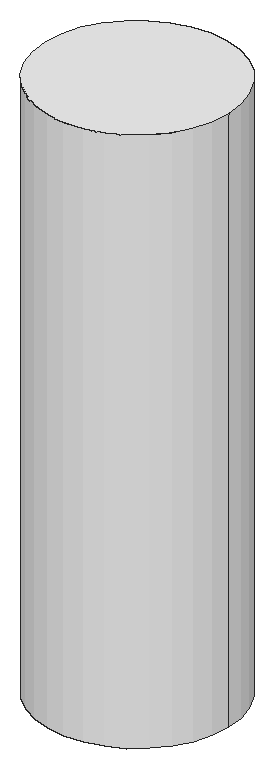
Revit family "05672029", category Plumbing Fixtures, Revit 2020
Family settings
  Round Connector Dimension = Use Diameter
  Part Type = Normal
  OmniClass Number = 23.45.55.00
  OmniClass Title = Sanitary Faucets, Wastes
  Work Plane-Based = No
  Always vertical = Yes
  Cut with Voids When Loaded = No
  Shared = No
  Room Calculation Point = No
Parameters (values of type "05672029 Washbasin faucet, 230/9 V, Bluetooth")
  Working Pressure = "100 - 1000 kPa"
  WarrantyStartDate [instance] = "n/a"
  WarrantyGuarantorParts = "n/a"
  WarrantyGuarantorLabor = "n/a"
  WarrantyDurationUnit = "Year"
  WarrantyDurationParts = "n/a"
  WarrantyDurationLabor = "n/a"
  WarrantyDescription = "http://warranty.hansa.com"
  Warranty Information URL = "http://warranty.hansa.com"
  VersionDate = "01/06/2023"
  Version = "1"
  ValvePattern = "n/a"
  ValveOperation = "n/a"
  ValveMechanism = "n/a"
  Uniclass2015Reference = "Pr_40_20_87_96"
  Uniclass2015Description = "Washbasin manual water supply sets"
  Uniclass2 = "Pr_40_30_96_96"
  URL WEEE = "http://static.hansa.com/WEEE/05672029"
  URL REACH = "http://static.hansa.com/doc/reach"
  URL EcoLabel Declaration = "http://static.hansa.com/doc/EcoLabel"
  URL EU Packaging Declaration = "http://static.hansa.com/doc/packaging"
  URL Declaration of SCIP = "http://static.hansa.com/doc/SCIP"
  URL Declaration of Conformity = "http://static.hansa.com/DoC/05672029"
  URL Declaration of Asbestos = "http://static.hansa.com/doc/asbestos"
  URL Declaration Of Performance (DOP) = "http://static.hansa.com/doc/DoP"
  URL ABP = "http://static.hansa.com/ABP/05672029"
  URL = ""
  UNSPSC Class Number = "30181700 Faucets or taps"
  TestPressure = "n/a"
  Technical DataSheet URL = "http://www.hansa.com/datasheet/05672029/en"
  TagNumber [instance] = "n/a"
  SustainabilityPerformance = "n/a"
  Surface treatment = "Chrome"
  Spout Type = "Fixed spout;Casted construction"
  Spout Projection = "117 mm"
  Special Features = "Waterways without nickel, adjustable settings BT, leadfree"
  Spare-Part Information URL = "http://static.hansa.com/sp/05672029"
  Size = "55x154x146 mm"
  Shape = "Sculptured"
  SerialNumber [instance] = "n/a"
  Sales Package dimensions (LxWxH) = "290 x 210 x 90"
  Revision = "n/a"
  ReplacementCost = "n/a"
  Protection Class = "IP 55 / transformer IP 20"
  ProductInformation = "n/a"
  Product URL = "http://static.hansa.com/05672029"
  Product Image URL = "http://static.hansa.com/image/05672029"
  Product Family = "HANSAMEDIPRO Protec"
  Product Code = "05672029"
  OperatingMechanismMaterial = "n/a"
  Operating Voltage = 912 V
  Operating Distance = "20-130 mm (110/130/160 mm)"
  NominalWidth = 55 mm
  NominalHeight = 146 mm
  NominalDepth = 154 mm
  Noise Class = "I (ISO 3822)"
  Name_en = "05672029 Washbasin faucet, 230/9 V, Bluetooth"
  Name = "05672029 Washbasin faucet, 230/9 V, Bluetooth"
  NBSReference = "45-35-70/371"
  NBSDescription = "Water supply fittings for wash basins and troughs"
  Mounting Holes = "1 hole"
  ModelReference = "05672029"
  ModelNumber = "n/a"
  Model = "05672029 Washbasin faucet, 230/9 V, Bluetooth"
  Mobile Product Information URL = "http://mpi.hansa.com/05672029"
  Mechanical Parts = "Litter filter(s);Non-return valve(s)"
  Max. Hot Water Supply = 70 °C
  Max Flow Period = "2 min (1 - 1800 s)"
  Material = "Brass"
  Market = "Austria;Belgium;Czech Republic;Germany;Spain;France;International;Italy;Netherlands;Slovakia"
  ManufacturerURL = "http://www.hansa.com"
  ManufacturerName = "HANSA"
  Manufacturer = "HANSA"
  Interactive AR View URL = "https://static.hansa.com/AR/05672029"
  InstallationDate [instance] = "n/a"
  Installation and Maintenance Guide URL = "http://static.hansa.com/manual/05672029"
  Installation Type = "Deck mounted"
  InletConnectionSize = 10 mm
  IfcExportType = "FAUCET"  # constant formula
  IfcExportAs = "IfcValveType"  # constant formula
  Group = "Washbasin faucet"
  Grade = "n/a"
  FlowCoefficient = 0
  Flow Rate At 300kPa With Flow Controller = 0.1 L/s
  Flow Drawing URL = "http://static.hansa.com/flowchart/05672029"
  Finish = "Polished"
  Features = "Touchless;Plug transformer;Bluetooth®"
  FaucetMainMaterial = Brass
  FDV Document URL = "http://www.hansa.com/datasheet/05672029/en/fdv"
  ExpectedLife = "n/a"
  Excluded Items = "Without pop-up waste;Without draw-rod opening"
  Electronic Parts = "Autofocus infrared sensor;Solenoid valve;Power supply"
  Electrical Connection = "230 / 9 V"
  ETIM Class Number = "EC010340 Electronic tap"
  EN Standard = "EN 15091,\nETSI EN 301 489-1 V1.9.2 , \nETSI EN 300 328 v2.2.2 , \nEN 61000-6-1:2007 , \nEN 61000-6-3:2007+A1:2011+AC:2012 , \nEN 60335-1:2012+A11+A13+A1+A14+A2+A15:2021, Part 19.11.4"
  EMC Directive = "Radio Equipment Directive 2014/53/EU , \nLow Voltage Directive 2014/35/EU , \nEMC Directive 2014/30/EU , \nRoHS Directive 2011/65/EU"
  EAN Number = "4057304004988"
  DurationUnit = "Year"
  Dimension Drawing URL = "http://static.hansa.com/dimdrw/05672029"
  Description = ""
  DefaultElevation [instance] = 900 mm
  Default Elevation = 0 mm
  Constituents = "n/a"
  Connection Size = "G3/8"
  Connection = "Flexible inlet pipes;One inlet for cold or premixed water;Special coating for hygienic premises"
  Color = "Chrome"
  CodePerformance = "n/a"
  CloseOffRating = 0
  Catalog Drawing URL = "http://static.hansa.com/catdrw/05672029"
  Brand = "HANSA"
  BodyMaterial = "Brass"
  Bluetooth = "4.x (D034445)"
  Barcode [instance] = "n/a"
  Backflow Prevention EN1717 = "AA"
  BIMObjectName = "05672029"
  Automatic Flush Period = "30 s (1-1800 s)"
  Automatic Flush Frequency = "off (off/1-120 h)"
  Author = "BIMStone"
  AssetType = "Fixed"
  AssetIdentifier [instance] = "n/a"
  Approval ABP = "P-IX 29469/IO"
  Ambience photo = "http://static.hansa.com/ambience/05672029"
  Afterflow Period = "3 s (1-20 s)"
  Aerator = "Laminar stream"
  Advanced Features = "Inner body made of DZR brass;Surfaces in contact with drinking water contain less than 0.3% lead;Waterways without nickel coating;;Software settings adjustable via App"
  AccessibilityPerformance = "n/a"
  3D View = "https://static.hansa.com/AR/05672029"
  2D/3D/BIM Files URL = "http://static.hansa.com/bim/05672029"
Reference planes
  plane 1 "Center (Front/Back)": y = 0
  plane 2: z = 0
  plane 3 "Center (Left/Right)": x = 0
  plane 4: x = -27.5
  plane 5: x = 27.5
  plane 6: z = 1046
  plane 7: z = 900
  plane 8: z = 870
  plane 9: y = -154
Forms (mm)
  Extrusion 1, solid, material "Brass" <- "FaucetMainMaterial", detail levels medium
    sketch origin (0, 0, 0) x (0, 1, 0) y (0, 0, 1)
      loop
        line (0, 900) -> (-14.556, 1023.932) -> (-131.711, 1046) -> (-148.834, 1046) -> (-154, 1016.702) -> (-78.606, 1003.408)
        arc (-78.606, 1003.408) -> (-63.727, 992.086) -> (-57.658, 974.402) r 32.167
        line (-57.658, 974.402) -> (-55, 900) -> (0, 900)
    from -27.5 to 27.5
  Extrusion 2, solid, material "Brass" <- "FaucetMainMaterial", detail levels coarse
    sketch origin (0, 0, 0) x (1, 0, 0) y (0, 1, 0)
      loop
        line (-27.5, 0) -> (-27.5, -154) -> (27.5, -154) -> (27.5, 0) -> (-27.5, 0)
    from 900 to 1046
  Extrusion 3, solid, material "Brass" <- "FaucetMainMaterial"
    sketch origin (0, 0, 0) x (1, 0, 0) y (0, 1, 0)
      loop
        circle (0, -27.5) r 5
    from 870 to 900
Lines and regions (mm)
  symbolic lines, detail levels medium+fine
    curve 1: line (-15.5, -69.537, 0) -> (-15.5, -136.641, 0)
    curve 2: arc (-22.324, -45.737, 0) -> (-17.24, -57.157, 0) -> (-15.5, -69.537, 0) r 44.913
    curve 3: arc (-27.502, -27.489, 0) -> (-26.212, -36.982, 0) -> (-22.324, -45.737, 0) r 33.978
    curve 4: arc (27.5, -27.489, 0) -> (27.347, -24.595, 0) -> (26.89, -21.734, 0) r 27.502
    curve 5: line (15.499, -71.499, 0) -> (15.499, -136.641, 0)
    curve 6: arc (22.753, -45.031, 0) -> (17.345, -57.777, 0) -> (15.499, -71.499, 0) r 51.914
    curve 7: arc (27.5, -27.489, 0) -> (27.182, -32.345, 0) -> (26.175, -37.105, 0) r 33.977
    curve 8: spline (-15.5, -136.641, 0) -> (-15.464, -137.692, 0) -> (-15.356, -138.739, 0) -> (-15.177, -139.775, 0) -> (-14.927, -140.797, 0) -> (-14.608, -141.8, 0) -> (-14.221, -142.779, 0) -> (-13.767, -143.729, 0) -> (-13.25, -144.647, 0) -> (-12.671, -145.527, 0) -> (-12.033, -146.366, 0) -> (-11.34, -147.159, 0) -> (-10.593, -147.904, 0)
    curve 10: spline (10.592, -147.904, 0) -> (11.339, -147.159, 0) -> (12.032, -146.366, 0) -> (12.67, -145.527, 0) -> (13.249, -144.647, 0) -> (13.766, -143.73, 0) -> (14.219, -142.779, 0) -> (14.606, -141.8, 0) -> (14.926, -140.798, 0) -> (15.175, -139.775, 0) -> (15.355, -138.739, 0) -> (15.463, -137.692, 0) -> (15.499, -136.641, 0)
    curve 11: arc (-10.593, -147.904, 0) -> (0, -154.001, 0) -> (10.592, -147.904, 0) r 12.251
    curve 12: arc (26.89, -21.734, 0) -> (-2.895, -0.141, 0) -> (-27.502, -27.489, 0) r 27.501
    curve 13: arc (26.175, -37.105, 0) -> (24.717, -41.177, 0) -> (22.753, -45.031, 0) r 33.977
    curve 14: line (-27.5, 0, 900) -> (27.5, 0, 900)
    curve 15: line (-27.5, 0, 900) -> (-27.5, 0, 926.446)
    curve 16: line (-27.5, 0, 926.446) -> (-24.359, 0, 988.391)
    curve 17: arc (-24.359, 0, 988.391) -> (-21.799, 0, 1003.69) -> (-15.365, 0, 1017.804) r 59.407
    curve 18: line (-15.365, 0, 1017.804) -> (-15.365, 0, 1030.848)
    curve 19: line (27.5, 0, 900) -> (27.5, 0, 926.446)
    curve 20: line (27.5, 0, 926.446) -> (24.359, 0, 988.391)
    curve 21: arc (24.359, 0, 988.391) -> (21.799, 0, 1003.69) -> (15.365, 0, 1017.804) r 59.407
    curve 22: line (15.365, 0, 1017.804) -> (15.365, 0, 1030.848)
    curve 23: spline (-15.365, 0, 1030.848) -> (-14.842, 0, 1034.769) -> (-13.307, 0, 1038.424) -> (-10.865, 0, 1041.562) -> (-7.683, 0, 1043.97) -> (-3.977, 0, 1045.484) -> (0, 0, 1046) -> (3.977, 0, 1045.484) -> (7.683, 0, 1043.97) -> (10.865, 0, 1041.562) -> (13.307, 0, 1038.424) -> (14.842, 0, 1034.769) -> (15.365, 0, 1030.848)
    curve 35: line (0, 0, 900) -> (0, -55, 900)
    curve 36: line (0, -55, 900) -> (0, -55.591, 916.557)
    curve 37: arc (0, -57.658, 974.402) -> (0, -65.719, 994.595) -> (0, -84.77, 1005.073) r 32.227
    curve 38: line (0, -84.77, 1005.073) -> (0, -126.058, 1012.353)
    curve 39: line (0, -126.058, 1012.353) -> (0, -131.511, 1015.442)
    curve 40: line (0, -154, 1028.18) -> (0, -154, 1031.901)
    curve 41: arc (0, -154, 1031.901) -> (0, -150.001, 1041.74) -> (0, -140.273, 1046) r 14.104
    curve 42: line (0, -140.273, 1046) -> (0, -137.862, 1046)
    curve 43: line (0, -137.862, 1046) -> (0, -41.204, 1028.341)
    curve 44: arc (0, -41.204, 1028.341) -> (0, -32.804, 1026.199) -> (0, -24.778, 1022.921) r 62.87
    curve 45: arc (0, -24.778, 1022.921) -> (0, -15.216, 1014.888) -> (0, -10.489, 1003.328) r 26.06
    curve 46: line (0, -10.489, 1003.328) -> (0, 0, 900)
    curve 47: line (0, -133.808, 1011.385) -> (0, -153.611, 1022.818)
    curve 48: line (0, -153.611, 1022.818) -> (0, -151.406, 1026.711)
    curve 49: line (0, -133.808, 1011.385) -> (0, -131.511, 1015.442)
    curve 51: line (0, -151.406, 1026.711) -> (0, -154, 1028.18)
    curve 52: arc (0, -56.48, 941.432) -> (0, -58.009, 937.875) -> (0, -56.23, 934.436) r 4.529
    curve 53: arc (0, -55.841, 923.552) -> (0, -57.387, 919.995) -> (0, -55.591, 916.557) r 4.5
    curve 54: line (0, -55.841, 923.552) -> (0, -56.23, 934.436)
    curve 57: line (0, -56.48, 941.432) -> (0, -57.658, 974.402)
  symbolic lines, detail levels fine
    curve 9: spline (-10.593, -147.904, 0) -> (-9.095, -149.135, 0) -> (-7.454, -150.169, 0) -> (-5.695, -150.991, 0) -> (-3.847, -151.587, 0) -> (-1.939, -151.948, 0) -> (0, -152.07, 0) -> (1.938, -151.948, 0) -> (3.846, -151.587, 0) -> (5.694, -150.991, 0) -> (7.453, -150.169, 0) -> (9.094, -149.135, 0) -> (10.592, -147.904, 0)
    curve 24: circle (0, 0, 937.975) r 3.491 normal (0, -1, 0)
    curve 25: circle (0, 0, 919.975) r 3.491 normal (0, -1, 0)
    curve 26: spline (-15.365, 0, 1030.848) -> (-15.342, 0, 1030.007) -> (-15.271, 0, 1029.17) -> (-15.153, 0, 1028.337) -> (-14.989, 0, 1027.512) -> (-14.778, 0, 1026.698) -> (-14.522, 0, 1025.896) -> (-14.221, 0, 1025.11) -> (-13.876, 0, 1024.341) -> (-13.489, 0, 1023.592) -> (-13.06, 0, 1022.865) -> (-12.591, 0, 1022.163) -> (-12.084, 0, 1021.488)
    curve 27: spline (12.084, 0, 1021.488) -> (12.591, 0, 1022.163) -> (13.06, 0, 1022.865) -> (13.489, 0, 1023.592) -> (13.876, 0, 1024.341) -> (14.221, 0, 1025.11) -> (14.522, 0, 1025.896) -> (14.778, 0, 1026.698) -> (14.989, 0, 1027.512) -> (15.153, 0, 1028.337) -> (15.271, 0, 1029.17) -> (15.342, 0, 1030.007) -> (15.365, 0, 1030.848)
    curve 28: spline (-11.212, 0, 1024.032) -> (-10.105, 0, 1025.228) -> (-8.604, 0, 1026.277) -> (-6.766, 0, 1027.139) -> (-4.663, 0, 1027.78) -> (-2.378, 0, 1028.175) -> (0, 0, 1028.308) -> (2.378, 0, 1028.175) -> (4.663, 0, 1027.78) -> (6.766, 0, 1027.139) -> (8.604, 0, 1026.277) -> (10.105, 0, 1025.228) -> (11.212, 0, 1024.032)
    curve 29: line (-11.212, 0, 1019.289) -> (-11.212, 0, 1018.089)
    curve 30: line (11.212, 0, 1019.289) -> (11.212, 0, 1018.089)
    curve 31: spline (11.212, 0, 1024.032) -> (11.476, 0, 1023.624) -> (11.694, 0, 1023.207) -> (11.864, 0, 1022.784) -> (11.986, 0, 1022.355) -> (12.059, 0, 1021.922) -> (12.084, 0, 1021.488) -> (12.059, 0, 1021.054) -> (11.986, 0, 1020.622) -> (11.864, 0, 1020.193) -> (11.694, 0, 1019.769) -> (11.476, 0, 1019.352) -> (11.212, 0, 1018.944)
    curve 32: spline (11.212, 0, 1018.089) -> (10.83, 0, 1019.493) -> (9.71, 0, 1020.801) -> (7.928, 0, 1021.925) -> (5.606, 0, 1022.787) -> (2.902, 0, 1023.328) -> (0, 0, 1023.513) -> (-2.902, 0, 1023.328) -> (-5.606, 0, 1022.787) -> (-7.928, 0, 1021.925) -> (-9.71, 0, 1020.801) -> (-10.83, 0, 1019.493) -> (-11.212, 0, 1018.089) -> (-10.83, 0, 1016.686) -> (-9.71, 0, 1015.377) -> (-7.928, 0, 1014.254) -> (-5.606, 0, 1013.392) -> (-2.902, 0, 1012.85) -> (0, 0, 1012.665) -> (2.902, 0, 1012.85) -> (5.606, 0, 1013.392) -> (7.928, 0, 1014.254) -> (9.71, 0, 1015.377) -> (10.83, 0, 1016.686) -> (11.212, 0, 1018.089)
    curve 33: spline (11.212, 0, 1019.289) -> (10.83, 0, 1020.693) -> (9.71, 0, 1022.001) -> (7.928, 0, 1023.125) -> (5.606, 0, 1023.987) -> (2.902, 0, 1024.528) -> (0, 0, 1024.713) -> (-2.902, 0, 1024.528) -> (-5.606, 0, 1023.987) -> (-7.928, 0, 1023.125) -> (-9.71, 0, 1022.001) -> (-10.83, 0, 1020.693) -> (-11.212, 0, 1019.289)
    curve 34: spline (-11.212, 0, 1018.944) -> (-11.476, 0, 1019.352) -> (-11.694, 0, 1019.769) -> (-11.864, 0, 1020.193) -> (-11.986, 0, 1020.622) -> (-12.059, 0, 1021.054) -> (-12.084, 0, 1021.488) -> (-12.059, 0, 1021.922) -> (-11.986, 0, 1022.355) -> (-11.864, 0, 1022.784) -> (-11.694, 0, 1023.207) -> (-11.476, 0, 1023.624) -> (-11.212, 0, 1024.032)
    curve 50: line (0, -131.511, 1015.442) -> (0, -151.406, 1026.711)
    curve 55: line (0, -55.591, 916.557) -> (0, -55.841, 923.552)
    curve 56: line (0, -56.23, 934.436) -> (0, -56.48, 941.432)
Dimensions and locks
  equal spacing: plane 4, plane 3 "Center (Left/Right)", plane 5
  "NominalHeight": plane 6 to plane 7
  "DefaultElevation": plane 7 to level
  locked: plane 7 to plane 8 at 30
  "NominalWidth": plane 4 to plane 5
  "NominalDepth": plane 9 to plane 1 "Center (Front/Back)"
  "InletConnectionSize": diameter of Extrusion 3 sketch curve
  aligned and locked: level to plane 2
  aligned and locked: plane 6 to Extrusion 2
  aligned and locked: Extrusion 2 to plane 7
  aligned and locked: plane 7 to Extrusion 3
  aligned and locked: Extrusion 3 to plane 8
  aligned and locked: import instance to plane 7
Automatic sketch dimensions
  Extrusion 2 sketch curve to plane 4 = 0 mm
  plane 1 "Center (Front/Back)" to Extrusion 2 sketch curve = 0 mm
  plane 5 to Extrusion 2 sketch curve = 0 mm
  curve 14 to plane 4 = 0 mm
  curve 25 to plane 3 "Center (Left/Right)" = 0 mm
  curve 26 to plane 3 "Center (Left/Right)" = 0 mm
  curve 34 to plane 3 "Center (Left/Right)" = 0 mm
  curve 23 to plane 3 "Center (Left/Right)" = 0 mm
  curve 24 to plane 3 "Center (Left/Right)" = 0 mm
  curve 27 to plane 3 "Center (Left/Right)" = 0 mm
  curve 32 to plane 3 "Center (Left/Right)" = 0 mm
  curve 28 to plane 3 "Center (Left/Right)" = 0 mm
  curve 31 to plane 3 "Center (Left/Right)" = 0 mm
  curve 20 to plane 5 = 0 mm
  curve 14 to plane 7 = 0 mm
  curve 21 to plane 4 = 7.512 mm
  plane 4 to curve 16 = 3.141 mm
  plane 4 to curve 18 = 12.135 mm
  curve 17 to curve 29 = 4.154 mm
  curve 20 to plane 5 = 3.141 mm
  plane 5 to curve 17 = 7.512 mm
  plane 7 to curve 25 = 19.975 mm
  plane 7 to curve 15 = 26.446 mm
  curve 25 to curve 24 = 18 mm
  curve 17 to plane 6 = 59.682 mm
  curve 21 to plane 6 = 59.682 mm
  curve 17 to curve 20 = 2.073 mm
  curve 21 to curve 16 = 2.073 mm
  curve 17 to curve 29 = 1.486 mm
  curve 33 to curve 22 = 11.558 mm
  curve 26 to curve 23 = 0 mm  (x2)
  curve 27 to curve 23 = 0 mm  (x2)
  curve 28 to curve 33 = 0.872 mm
  curve 26 to curve 28 = 0 mm  (x2)
  curve 31 to curve 34 = 0 mm
  curve 31 to curve 28 = 0.872 mm
  curve 28 to curve 27 = 0.872 mm
  plane 7 to curve 19 = 26.446 mm
  curve 29 to curve 29 = 1.2 mm
  curve 32 to curve 30 = 1.2 mm
  curve 30 to curve 32 = 0 mm
  curve 34 to curve 29 = 0.345 mm
  curve 31 to curve 30 = 0.345 mm
  curve 33 to curve 27 = 2.199 mm
  curve 33 to curve 31 = 2.199 mm
  curve 28 to curve 34 = 0 mm
  curve 7 to curve 13 = 0 mm  (x2)
  curve 8 to plane 3 "Center (Left/Right)" = 0 mm
  curve 11 to plane 3 "Center (Left/Right)" = 0 mm
  curve 12 to plane 3 "Center (Left/Right)" = 0.001 mm
  curve 4 to curve 12 = 0.001 mm  (x2)
  curve 7 to plane 3 "Center (Left/Right)" = 6.476 mm
  plane 4 to curve 1 = 12 mm
  curve 2 to plane 4 = 32.913 mm
  plane 3 "Center (Left/Right)" to curve 3 = 6.475 mm
  curve 5 to plane 5 = 12.001 mm
  plane 5 to curve 6 = 39.912 mm
  plane 1 "Center (Front/Back)" to curve 12 = 27.489 mm
  curve 3 to curve 12 = 0.218 mm
  curve 13 to curve 4 = 0.218 mm
  curve 2 to curve 12 = 42.048 mm
  curve 5 to curve 1 = 1.962 mm
  curve 5 to curve 8 = 0 mm
  curve 11 to curve 10 = 5.109 mm
  curve 9 to plane 3 "Center (Left/Right)" = 0 mm
  curve 10 to curve 9 = 0 mm
  curve 8 to plane 3 "Center (Left/Right)" = 10.593 mm
  curve 9 to curve 1 = 0 mm
  plane 4 to curve 2 = 5.176 mm
  curve 7 to plane 5 = 1.325 mm
  curve 12 to plane 5 = 0.61 mm
  curve 1 to curve 9 = 0 mm
  plane 9 to curve 1 = 17.359 mm
  curve 11 to curve 11 = 6.154 mm
  plane 9 to Extrusion 2 sketch curve = 0 mm
  Extrusion 1 sketch curve to plane 9 = 0 mm
  Extrusion 1 sketch curve to plane 6 = 0 mm
  Extrusion 1 sketch curve to plane 7 = 0 mm
  Extrusion 1 sketch curve to plane 1 "Center (Front/Back)" = 0 mm
  plane 9 to Extrusion 1 sketch curve = 5.166 mm
  Extrusion 1 sketch curve to Extrusion 1 sketch curve = 17.123 mm
  plane 9 to Extrusion 1 sketch curve = 64.195 mm
  Extrusion 1 sketch curve to Extrusion 1 sketch curve = 55 mm
  plane 1 "Center (Front/Back)" to Extrusion 1 sketch curve = 14.556 mm
  Extrusion 1 sketch curve to plane 6 = 29.298 mm
  Extrusion 1 sketch curve to plane 6 = 22.068 mm
  Extrusion 1 sketch curve to plane 6 = 42.592 mm
  Extrusion 1 sketch curve to Extrusion 1 sketch curve = 32.147 mm
  Extrusion 1 sketch curve to Extrusion 1 sketch curve = 1.148 mm
  curve 51 to plane 9 = 0 mm
  curve 41 to plane 6 = 0 mm
  curve 35 to plane 7 = 0 mm
  curve 35 to plane 1 "Center (Front/Back)" = 0 mm
  plane 9 to curve 48 = 0.389 mm
  plane 9 to curve 51 = 2.594 mm
  plane 9 to curve 42 = 13.727 mm
  curve 48 to curve 41 = 11.51 mm
  curve 42 to curve 42 = 2.411 mm
  plane 9 to curve 47 = 20.192 mm
  curve 47 to curve 50 = 2.297 mm
  curve 39 to curve 39 = 5.453 mm
  curve 38 to curve 37 = 36.193 mm
  curve 37 to curve 38 = 5.094 mm
  curve 37 to curve 57 = 32.207 mm
  plane 1 "Center (Front/Back)" to curve 35 = 55 mm
  curve 37 to curve 52 = 4.175 mm
  curve 52 to curve 53 = 0.593 mm
  curve 37 to curve 44 = 5.155 mm
  curve 43 to plane 6 = 17.659 mm
  plane 1 "Center (Front/Back)" to curve 43 = 41.204 mm
  curve 43 to curve 45 = 4.934 mm
  plane 1 "Center (Front/Back)" to curve 46 = 10.489 mm
  plane 7 to curve 53 = 20.155 mm
  curve 53 to curve 52 = 17.881 mm
  curve 52 to curve 44 = 28.458 mm
  curve 44 to curve 37 = 6.756 mm
  curve 44 to curve 57 = 7.906 mm
  curve 45 to curve 43 = 28.809 mm
  curve 46 to curve 44 = 19.593 mm
  curve 49 to curve 41 = 20.516 mm
  curve 47 to curve 39 = 0.968 mm
  curve 52 to curve 52 = 2.997 mm
  curve 53 to curve 53 = 2.952 mm
  curve 53 to curve 54 = 3.397 mm
  plane 7 to curve 36 = 16.557 mm
  plane 7 to curve 54 = 34.436 mm
  curve 56 to curve 52 = 2.747 mm
  Extrusion 3 sketch curve to plane 3 "Center (Left/Right)" = 0 mm
  plane 1 "Center (Front/Back)" to Extrusion 3 sketch curve = 27.5 mm
  radius of curve 24 = 3.491 mm
  radius of curve 25 = 3.491 mm
Nested families
  nested 1: "Symbol" at (0, 0, 0), type "Symbol", detail levels coarse
Connectors
  piping at (0, -27.5, 870), diameter 10, driven by "InletConnectionSize"
    settings: on Extrusion 3, index 1, connector inside diameter 609.6 mm, connector length 0 mm, flow factor 0, pipe flow 0.0 L/s, pressure drop 0.0 Pa, fitting loss kfactor 0, connector angle 0.00°, fixture units 0, engagement length 0 mm, angle of deflection 0.00°, flow configuration 1, flow direction 1, fitting loss method 0, system type 19, joint type 0, gender type 0, connector reference index -1, connector utility 0, adjustable connector no, is connector primary yes, connector description ""
Definition of nested family "Symbol"
  Reference planes
    plane 1: y = 0
    plane 2: x = 0
  Lines and regions (mm)
    detail lines
      curve 1: line (0, 0, 0) -> (0, -1.8, 0)
      curve 2: line (-0.4, -1.1, 0) -> (0.4, -1.1, 0)
      curve 3: line (-0.4, -1.4, 0) -> (0.4, -1.4, 0)
      curve 4: line (0.863, 0, 0) -> (-0.863, 0, 0)
      curve 5: circle (-1.163, 0, 0) r 0.3 normal (0, 0, -1)
      curve 6: circle (1.163, 0, 0) r 0.3 normal (0, 0, 1)
